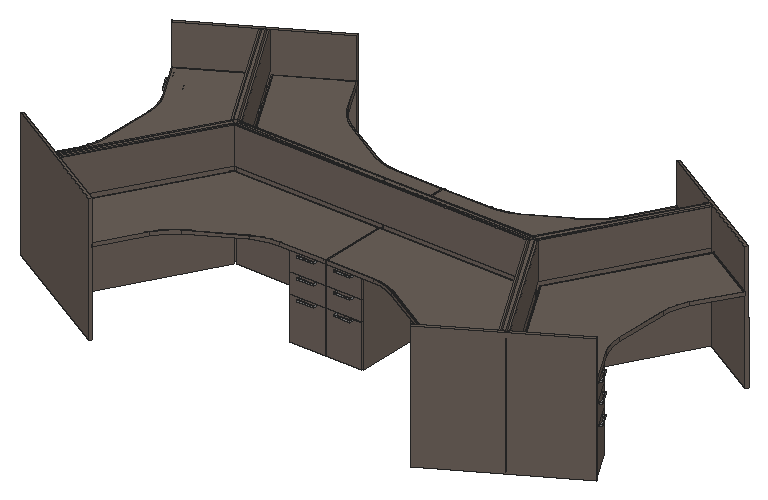
Revit family "T200064", category Furniture, Revit 2022
Family settings
  OmniClass Number = 23.40.20.00
  OmniClass Title = General Furniture and Specialties
  Work Plane-Based = No
  Always vertical = Yes
  Cut with Voids When Loaded = No
  Render Appearance Source = Family Geometry
  Shared = No
  Room Calculation Point = No
Parameters
  Default Elevation = 0' - 0"
Reference planes (in)
  plane 1 "Center Front/Back": y = 0
  plane 2: z = 0
  plane 3 "Center Left/Right": x = 0
Dimensions and locks (in)
  aligned and locked: level to plane 2
  aligned and locked: nested 44 to nested 42
Nested families (in)
  nested 1: "FIRST OFFICE-STAKS-WORKSURFACE-CORNER 120 DEGREE" at (-38.25443, -65.70487, 0) x (0.5, 0.866, 0) z (0, 0, 1), type "FIRST OFFICE-STAKS-WORKSURFACE-CORNER 120 DEG 47.639 X 47.639"
  nested 2: "FIRST OFFICE-STAKS-WORKSURFACE-CORNER 120 DEGREE" at (-38.54255, -65.53852, 0) x (0.5, 0.866, 0) z (0, 0, 1), type "FIRST OFFICE-STAKS-WORKSURFACE-CORNER 120 DEG 47.639 X 47.639"
  nested 3: "FIRST OFFICE-STAKS-WORKSURFACE-CORNER 120 DEGREE" at (74.41604, -0.32185, 0) x (-1, 0, 0) z (0, 0, 1), type "FIRST OFFICE-STAKS-WORKSURFACE-CORNER 120 DEG 47.639 X 47.639"
  nested 4: "FIRST OFFICE-STAKS-WALL-SPINE-DIVIDER" at (-26.00317, -44.15238, 0) x (0.866, -0.5, 0) z (0, 0, 1), type "FIRST OFFICE-STAKS-WALL SPINE/DIVIDER 42 X 48"
  nested 5: "FIRST OFFICE-STAKS-WALL-SPINE-DIVIDER" at (-12.21127, -22.52553, 0) x (0.5, 0.866, 0) z (0, 0, 1), type "FIRST OFFICE-STAKS-WALL SPINE/DIVIDER 42 X 48"
  nested 6: "FIRST OFFICE-STAKS-WALL-SPINE-DIVIDER" at (-24.87782, 41.22682, 0) x (0.866, 0.5, 0) z (0, 0, 1), type "FIRST OFFICE-STAKS-WALL SPINE/DIVIDER 42 X 48"
  nested 7: "FIRST OFFICE-STAKS-WALL-SPINE-DIVIDER" at (-14.1592, 20.42449, 0) x (0.5, -0.866, 0) z (0, 0, 1), type "FIRST OFFICE-STAKS-WALL SPINE/DIVIDER 42 X 48"
  nested 8: "FIRST OFFICE-STAKS-WALL-SPINE-DIVIDER" at (24, -1.62535, 0) x (-1, 0, 0) z (0, 0, 1), type "FIRST OFFICE-STAKS-WALL SPINE/DIVIDER 42 X 48"
  nested 9: "FIRST OFFICE-STAKS-PEDESTALS-WORKSUFACE HEIGHT NO I BEAM-12W TO 16W" at (42.08539, -25.00035, 0), type "FIRST OFFICE-STAKS-SURFACE HEIGHT BBF PED-NO I BEAM 16 X 19"
  nested 10: "FIRST OFFICE-STAKS-BRACKETS-PEDESTAL TO WALL" at (40.73829, -5, 0) x (-1, 0, 0) z (0, 0, 1), type "FIRST OFFICE-STAKS-PEDESTAL TO WALL BRACKET 1"
  nested 11: "FIRST OFFICE-STAKS-PEDESTALS-WORKSUFACE HEIGHT NO I BEAM-12W TO 16W" at (42.08539, 24.00035, 0), type "FIRST OFFICE-STAKS-SURFACE HEIGHT BBF PED-NO I BEAM 16 X 19"
  nested 12: "FIRST OFFICE-STAKS-BRACKETS-PEDESTAL TO WALL" at (40.73829, 4, 0) x (-1, 0, 0) z (0, 0, 1), type "FIRST OFFICE-STAKS-PEDESTAL TO WALL BRACKET 1"
  nested 13: "FIRST OFFICE-STAKS-PEDESTALS-WORKSUFACE HEIGHT NO I BEAM-12W TO 16W" at (-43.35149, 24.23702, 0) x (-0.5, 0.866, 0) z (0, 0, 1), type "FIRST OFFICE-STAKS-SURFACE HEIGHT BBF PED-NO I BEAM 16 X 19"
  nested 14: "FIRST OFFICE-STAKS-BRACKETS-PEDESTAL TO WALL" at (-25.30603, 32.98206, 0) x (0.5, -0.866, 0) z (0, 0, 1), type "FIRST OFFICE-STAKS-PEDESTAL TO WALL BRACKET 1"
  nested 15: "FIRST OFFICE-STAKS-BRACKETS-WORKSURFACE-SCWBKT" at (-6.49875, 52.56007, -0.15625) x (0.5, -0.866, 0) z (0, 0, 1), type "FIRST OFFICE-STAKS-BRACKET-WORKSURFACE-16""
  nested 16: "FIRST OFFICE-STAKS-BRACKETS-WORKSURFACE-SCWBKT" at (-43.26026, -32.3122, -0.15625) x (0.5, 0.866, 0) z (0, 0, 1), type "FIRST OFFICE-STAKS-BRACKET-WORKSURFACE-16""
  nested 17: "FIRST OFFICE-STAKS-BRACKETS-WORKSURFACE-SCWBKT" at (-20.7436, -45.3122, -0.15625) x (0.5, 0.866, 0) z (0, 0, 1), type "FIRST OFFICE-STAKS-BRACKET-WORKSURFACE-16""
  nested 18: "FIRST OFFICE-STAKS-BRACKETS-CANTILEVER" at (5, -1, -0.15625), type "FIRST OFFICE-STAKS- BRACKETS-CANTILEVER-OPEN 22""
  nested 19: "FIRST OFFICE-STAKS-BRACKETS-CANTILEVER" at (-7.04887, 11.35974, -0.15625) x (-0.5, 0.866, 0) z (0, 0, 1), type "FIRST OFFICE-STAKS- BRACKETS-CANTILEVER-OPEN 22""
  nested 20: "FIRST OFFICE-STAKS-BRACKETS-CANTILEVER" at (-9.75386, -15.01849, -0.15625) x (-0.5, -0.866, 0) z (0, 0, 1), type "FIRST OFFICE-STAKS- BRACKETS-CANTILEVER-OPEN 22""
  nested 21: "FIRST OFFICE-STAKS-BRACKETS-CANTILEVER-CONCEALED" at (-18.04512, 30.40579, -0.15625) x (-0.5, 0.866, 0) z (0, 0, 1), type "FIRST OFFICE-STAKS- BRACKETS-CANTILEVER-CONCEALED-MINI"
  nested 22: "FIRST OFFICE-STAKS-BRACKETS-CANTILEVER-CONCEALED" at (-15.4904, -26.95445, -0.15625) x (0.5, 0.866, 0) z (0, 0, 1), type "FIRST OFFICE-STAKS- BRACKETS-CANTILEVER-CONCEALED-MINI"
  nested 23: "FIRST OFFICE-STAKS-BRACKETS-CANTILEVER-CONCEALED" at (-16.55485, -26.79814, -0.15625) x (-0.5, -0.866, 0) z (0, 0, 1), type "FIRST OFFICE-STAKS- BRACKETS-CANTILEVER-CONCEALED-MINI"
  nested 24: "FIRST OFFICE-STAKS-WORKSURFACE-CORNER 120 DEGREE" at (134.25448, 64.70487, 0) x (-0.5, -0.866, 0) z (0, 0, 1), type "FIRST OFFICE-STAKS-WORKSURFACE-CORNER 120 DEG 47.639 X 47.639"
  nested 25: "FIRST OFFICE-STAKS-WORKSURFACE-CORNER 120 DEGREE" at (134.5426, 64.53852, 0) x (-0.5, -0.866, 0) z (0, 0, 1), type "FIRST OFFICE-STAKS-WORKSURFACE-CORNER 120 DEG 47.639 X 47.639"
  nested 26: "FIRST OFFICE-STAKS-WORKSURFACE-CORNER 120 DEGREE" at (21.58402, -0.67815, 0), type "FIRST OFFICE-STAKS-WORKSURFACE-CORNER 120 DEG 47.639 X 47.639"
  nested 27: "FIRST OFFICE-STAKS-WALL-SPINE-DIVIDER" at (122.00323, 43.15238, 0) x (-0.866, 0.5, 0) z (0, 0, 1), type "FIRST OFFICE-STAKS-WALL SPINE/DIVIDER 42 X 48"
  nested 28: "FIRST OFFICE-STAKS-WALL-SPINE-DIVIDER" at (108.21132, 21.52553, 0) x (-0.5, -0.866, 0) z (0, 0, 1), type "FIRST OFFICE-STAKS-WALL SPINE/DIVIDER 42 X 48"
  nested 29: "FIRST OFFICE-STAKS-WALL-SPINE-DIVIDER" at (120.87788, -42.22682, 0) x (-0.866, -0.5, 0) z (0, 0, 1), type "FIRST OFFICE-STAKS-WALL SPINE/DIVIDER 42 X 48"
  nested 30: "FIRST OFFICE-STAKS-WALL-SPINE-DIVIDER" at (110.15926, -21.42449, 0) x (-0.5, 0.866, 0) z (0, 0, 1), type "FIRST OFFICE-STAKS-WALL SPINE/DIVIDER 42 X 48"
  nested 31: "FIRST OFFICE-STAKS-WALL-SPINE-DIVIDER" at (72.00005, 0.62535, 0), type "FIRST OFFICE-STAKS-WALL SPINE/DIVIDER 42 X 48"
  nested 32: "FIRST OFFICE-STAKS-PEDESTALS-WORKSUFACE HEIGHT NO I BEAM-12W TO 16W" at (53.91467, 24.00035, 0) x (-1, 0, 0) z (0, 0, 1), type "FIRST OFFICE-STAKS-SURFACE HEIGHT BBF PED-NO I BEAM 16 X 19"
  nested 33: "FIRST OFFICE-STAKS-BRACKETS-PEDESTAL TO WALL" at (55.26176, 4, 0), type "FIRST OFFICE-STAKS-PEDESTAL TO WALL BRACKET 1"
  nested 34: "FIRST OFFICE-STAKS-PEDESTALS-WORKSUFACE HEIGHT NO I BEAM-12W TO 16W" at (53.91467, -25.00035, 0) x (-1, 0, 0) z (0, 0, 1), type "FIRST OFFICE-STAKS-SURFACE HEIGHT BBF PED-NO I BEAM 16 X 19"
  nested 35: "FIRST OFFICE-STAKS-BRACKETS-PEDESTAL TO WALL" at (55.26176, -5, 0), type "FIRST OFFICE-STAKS-PEDESTAL TO WALL BRACKET 1"
  nested 36: "FIRST OFFICE-STAKS-PEDESTALS-WORKSUFACE HEIGHT NO I BEAM-12W TO 16W" at (139.35154, -25.23702, 0) x (0.5, -0.866, 0) z (0, 0, 1), type "FIRST OFFICE-STAKS-SURFACE HEIGHT BBF PED-NO I BEAM 16 X 19"
  nested 37: "FIRST OFFICE-STAKS-BRACKETS-PEDESTAL TO WALL" at (121.30608, -33.98206, 0) x (-0.5, 0.866, 0) z (0, 0, 1), type "FIRST OFFICE-STAKS-PEDESTAL TO WALL BRACKET 1"
  nested 38: "FIRST OFFICE-STAKS-BRACKETS-WORKSURFACE-SCWBKT" at (102.4988, -53.56007, -0.15625) x (-0.5, 0.866, 0) z (0, 0, 1), type "FIRST OFFICE-STAKS-BRACKET-WORKSURFACE-16""
  nested 39: "FIRST OFFICE-STAKS-BRACKETS-WORKSURFACE-SCWBKT" at (139.26031, 31.3122, -0.15625) x (-0.5, -0.866, 0) z (0, 0, 1), type "FIRST OFFICE-STAKS-BRACKET-WORKSURFACE-16""
  nested 40: "FIRST OFFICE-STAKS-BRACKETS-WORKSURFACE-SCWBKT" at (116.74365, 44.3122, -0.15625) x (-0.5, -0.866, 0) z (0, 0, 1), type "FIRST OFFICE-STAKS-BRACKET-WORKSURFACE-16""
  nested 41: "FIRST OFFICE-STAKS-BRACKETS-CANTILEVER" at (91.00005, 0, -0.15625) x (-1, 0, 0) z (0, 0, 1), type "FIRST OFFICE-STAKS- BRACKETS-CANTILEVER-OPEN 22""
  nested 42: "FIRST OFFICE-STAKS-BRACKETS-CANTILEVER" at (103.04893, -12.35974, -0.15625) x (0.5, -0.866, 0) z (0, 0, 1), type "FIRST OFFICE-STAKS- BRACKETS-CANTILEVER-OPEN 22""
  nested 43: "FIRST OFFICE-STAKS-BRACKETS-CANTILEVER" at (105.75392, 14.01849, -0.15625) x (0.5, 0.866, 0) z (0, 0, 1), type "FIRST OFFICE-STAKS- BRACKETS-CANTILEVER-OPEN 22""
  nested 44: "FIRST OFFICE-STAKS-BRACKETS-CANTILEVER-CONCEALED" at (114.04517, -31.40579, -0.15625) x (0.5, -0.866, 0) z (0, 0, 1), type "FIRST OFFICE-STAKS- BRACKETS-CANTILEVER-CONCEALED-MINI"
  nested 45: "FIRST OFFICE-STAKS-BRACKETS-CANTILEVER-CONCEALED" at (111.49045, 25.95445, -0.15625) x (-0.5, -0.866, 0) z (0, 0, 1), type "FIRST OFFICE-STAKS- BRACKETS-CANTILEVER-CONCEALED-MINI"
  nested 46: "FIRST OFFICE-STAKS-BRACKETS-CANTILEVER-CONCEALED" at (112.5549, 25.79814, -0.15625) x (0.5, 0.866, 0) z (0, 0, 1), type "FIRST OFFICE-STAKS- BRACKETS-CANTILEVER-CONCEALED-MINI"
  nested 47: "STAKS FABRIC TACKBOARD FOR SPINE OR DIVIDER WALL" at (-7.62176, 2.33365, 0), type "STAKS FABRIC TACKBOARD FOR SPINE OR DIVIDER WALL 12H x 74-96W"
    with Height Above Floor 3' - 5 1/2"
  nested 48: "STAKS FABRIC TACKBOARD FOR SPINE OR DIVIDER WALL" at (-7.62176, 0.33365, 0), type "STAKS FABRIC TACKBOARD FOR SPINE OR DIVIDER WALL 12H x 74-96W"
    with Height Above Floor 3' - 5 1/2"
  nested 49: "STAKS FABRIC TACKBOARD FOR SPINE OR DIVIDER WALL" at (96.12911, 6.91175, 0) x (0.5, -0.866, 0) z (0, 0, 1), type "STAKS FABRIC TACKBOARD FOR SPINE OR DIVIDER WALL 12H x 27-48.9375W"
    with Height Above Floor 3' - 5 1/2"
  nested 50: "STAKS FABRIC TACKBOARD FOR SPINE OR DIVIDER WALL" at (94.24518, 5.75707, 0) x (0.5, -0.866, 0) z (0, 0, 1), type "STAKS FABRIC TACKBOARD FOR SPINE OR DIVIDER WALL 12H x 27-48.9375W"
    with Height Above Floor 3' - 5 1/2"
  nested 51: "STAKS FABRIC TACKBOARD FOR SPINE OR DIVIDER WALL" at (-26.05968, 49.76862, 0) x (0.5, -0.866, 0) z (0, 0, 1), type "STAKS FABRIC TACKBOARD FOR SPINE OR DIVIDER WALL 12H x 27-48.9375W"
    with Height Above Floor 3' - 5 1/2"
  nested 52: "STAKS FABRIC TACKBOARD FOR SPINE OR DIVIDER WALL" at (-27.94361, 48.61394, 0) x (0.5, -0.866, 0) z (0, 0, 1), type "STAKS FABRIC TACKBOARD FOR SPINE OR DIVIDER WALL 12H x 27-48.9375W"
    with Height Above Floor 3' - 5 1/2"
  nested 53: "STAKS FABRIC TACKBOARD FOR SPINE OR DIVIDER WALL" at (-0.20811, 7.04798, 0) x (-0.5, -0.866, 0) z (0, 0, 1), type "STAKS FABRIC TACKBOARD FOR SPINE OR DIVIDER WALL 12H x 27-48.9375W"
    with Height Above Floor 3' - 5 1/2"
  nested 54: "STAKS FABRIC TACKBOARD FOR SPINE OR DIVIDER WALL" at (1.67582, 5.89331, 0) x (-0.5, -0.866, 0) z (0, 0, 1), type "STAKS FABRIC TACKBOARD FOR SPINE OR DIVIDER WALL 12H x 27-48.9375W"
    with Height Above Floor 3' - 5 1/2"
  nested 55: "STAKS FABRIC TACKBOARD FOR SPINE OR DIVIDER WALL" at (122.06399, 49.54466, 0) x (-0.5, -0.866, 0) z (0, 0, 1), type "STAKS FABRIC TACKBOARD FOR SPINE OR DIVIDER WALL 12H x 27-48.9375W"
    with Height Above Floor 3' - 5 1/2"
  nested 56: "STAKS FABRIC TACKBOARD FOR SPINE OR DIVIDER WALL" at (123.94792, 48.38998, 0) x (-0.5, -0.866, 0) z (0, 0, 1), type "STAKS FABRIC TACKBOARD FOR SPINE OR DIVIDER WALL 12H x 27-48.9375W"
    with Height Above Floor 3' - 5 1/2"
Definition of nested family "FIRST OFFICE-STAKS-WORKSURFACE-CORNER 120 DEGREE"
  Parameters
    Default Elevation = 0' - 0"
    CORNER DEPTH = 2' - 11.639"
    URL = "http://www.firstoffice.com/products/crossover/staks/"
    Model = "6-CU-35.639/35.639"
    Manufacturer = "FIRST OFFICE-STAKS"
    MANUFACTURERS' CODE = "FOF"
    ENVIRONMENTAL = "http://www.firstoffice.com/products/crossover/staks/"
    Description = "36.639 X 36.639 CORNER 120 DEG DIAGINAL GRAIN WORKSURFACE"
    CORNER WIDTH = 2' - 11.639"
    CATALOG CODE = "FST"
    Assembly Code = ""
  Reference planes (in)
    plane 1: z = -0.125
    plane 2 "BACK": y = -1.83365
    plane 3: z = 27.25
    plane 4 "SURFACE TOP": z = 28.375
    plane 5 "LEFT": x = 38.41598
    plane 6 "RIGHT": through (69.04222, 6.8487, 47.875) normal (0.866, 0.5, 0)
    plane 7: y = -1.95865
    plane 8: x = 38.54098
    plane 9: through (68.93397, 6.7862, 47.875) normal (0.866, 0.5, 0)
    plane 10: x = 74.05498
    plane 11: y = -23.83365
    plane 12: through (7.3129, -81.51958, 47.875) normal (-0.5, 0.866, 0)
    plane 13: through (7.2504, -81.41133, 47.875) normal (-0.5, 0.866, 0)
    plane 14: through (50.09791, -4.0888, 47.875) normal (0.866, 0.5, 0)
    plane 15: through (49.98966, -4.1513, 47.875) normal (0.866, 0.5, 0)
    plane 16: y = -23.70865
    plane 17: through (-10.5066, -50.6553, 47.875) normal (-0.5, 0.866, 0)
    plane 18: through (49.87291, -25.97725, 47.875) normal (0.5, 0.866, 0)
    plane 19: through (49.93536, -25.86897, 47.875) normal (0.5, 0.866, 0)
  Forms (in)
    Extrusion 1, solid
      sketch origin (0, 0, 16.625) x (-1, 0, 0) y (0, -1, 0)
        loop
          line (-73.98281, 1.95865) -> (-74.05498, 1.83365) -> (-38.41598, 1.83365) -> (-38.54098, 1.95865) -> (-73.98281, 1.95865)
      from 11.75 to 10.625
    Extrusion 2, solid
      sketch origin (0, 0, 16.625) x (-1, 0, 0) y (0, -1, 0)
        loop
          line (-41.9399, 23.70865) -> (-38.54098, 23.70865) -> (-38.41598, 23.83365) -> (-41.87291, 23.83365)
          arc (-41.87291, 23.83365) -> (-46.01402, 24.37884) -> (-49.87291, 25.97725) r 16
          line (-49.87291, 25.97725) -> (-65.23705, 34.84774)
          arc (-65.23705, 34.84774) -> (-68.55076, 37.39043) -> (-71.09346, 40.70414) r 16
          line (-71.09346, 40.70414) -> (-72.82192, 43.69793) -> (-72.86768, 43.52718) -> (-71.16822, 40.58363)
          arc (-71.16822, 40.58363) -> (-68.64538, 37.29581) -> (-65.35756, 34.77298) r 15.875
          line (-65.35756, 34.77298) -> (-49.8774, 25.8355)
          arc (-49.8774, 25.8355) -> (-46.04865, 24.24958) -> (-41.9399, 23.70865) r 15.875
      from 11.75 to 10.625
    Extrusion 3, solid
      sketch origin (0, 0, 16.625) x (-1, 0, 0) y (0, -1, 0)
        loop
          line (-38.54098, 1.95865) -> (-38.41598, 1.83365) -> (-38.41598, 23.83365) -> (-38.54098, 23.70865) -> (-38.54098, 1.95865)
      from 11.75 to 10.625
    Extrusion 4, solid
      sketch origin (0, 0, 16.625) x (-1, 0, 0) y (0, -1, 0)
        loop
          line (-72.82192, 43.69793) -> (-91.87448, 32.69793) -> (-91.70373, 32.65218) -> (-72.86768, 43.52718) -> (-72.82192, 43.69793)
      from 11.75 to 10.625
    Extrusion 5, solid
      sketch origin (0, 0, 16.625) x (-1, 0, 0) y (0, -1, 0)
        loop
          line (-74.05498, 1.83365) -> (-73.98281, 1.95865) -> (-91.70373, 32.65218) -> (-91.87448, 32.69793) -> (-74.05498, 1.83365)
      from 11.75 to 10.625
    Extrusion 6, solid
      sketch origin (0, 0, 16.625) x (-1, 0, 0) y (0, -1, 0)
        loop
          line (-73.98281, 1.95865) -> (-38.54098, 1.95865) -> (-38.54098, 23.70865) -> (-41.9399, 23.70865)
          arc (-41.9399, 23.70865) -> (-46.04865, 24.24958) -> (-49.8774, 25.8355) r 15.875
          line (-49.8774, 25.8355) -> (-65.35756, 34.77298)
          arc (-65.35756, 34.77298) -> (-68.64538, 37.29581) -> (-71.16822, 40.58363) r 15.875
          line (-71.16822, 40.58363) -> (-72.86768, 43.52718) -> (-91.70373, 32.65218) -> (-73.98281, 1.95865)
      from 11.75 to 10.625
  Lines and regions (in)
    Masking region 1
      outline origin (0, 0, 16.625) x (-1, 0, 0) y (0, -1, 0)
        loop
          line (-38.54098, 1.95865) -> (-38.41598, 1.83365) -> (-38.41598, 23.83365) -> (-38.54098, 23.70865) -> (-38.54098, 1.95865)
    Masking region 2
      outline origin (0, 0, 16.625) x (-1, 0, 0) y (0, -1, 0)
        loop
          line (-38.41598, 1.83365) -> (-38.54098, 1.95865) -> (-73.98281, 1.95865) -> (-74.05498, 1.83365) -> (-38.41598, 1.83365)
    Masking region 3
      outline origin (0, 0, 16.625) x (-1, 0, 0) y (0, -1, 0)
        loop
          line (-74.05498, 1.83365) -> (-73.98281, 1.95865) -> (-91.70373, 32.65218) -> (-91.87448, 32.69793) -> (-74.05498, 1.83365)
    Masking region 4
      outline origin (0, 0, 16.625) x (-1, 0, 0) y (0, -1, 0)
        loop
          line (-91.87448, 32.69793) -> (-91.70373, 32.65218) -> (-72.86768, 43.52718) -> (-72.82192, 43.69793) -> (-91.87448, 32.69793)
    Masking region 5
      outline origin (0, 0, 16.625) x (-1, 0, 0) y (0, -1, 0)
        loop
          line (-71.09346, 40.70414) -> (-72.82192, 43.69793) -> (-72.86768, 43.52718) -> (-71.16822, 40.58363) -> (-71.09346, 40.70414)
    Masking region 6
      outline origin (0, 0, 16.625) x (-1, 0, 0) y (0, -1, 0)
        loop
          line (-71.09346, 40.70414) -> (-71.16822, 40.58363)
          arc (-71.16822, 40.58363) -> (-68.63353, 37.28397) -> (-65.32853, 34.75626) r 15.875
          line (-65.32853, 34.75626) -> (-65.23705, 34.84774)
          arc (-65.23705, 34.84774) -> (-68.55076, 37.39043) -> (-71.09346, 40.70414) r 16
    Masking region 7
      outline origin (0, 0, 16.625) x (-1, 0, 0) y (0, -1, 0)
        loop
          line (-49.8774, 25.97984) -> (-65.23705, 34.84774) -> (-65.32853, 34.75626) -> (-49.8774, 25.83554) -> (-49.8774, 25.97984)
    Masking region 8
      outline origin (0, 0, 16.625) x (-1, 0, 0) y (0, -1, 0)
        loop
          arc (-41.87291, 23.83365) -> (-46.01402, 24.37884) -> (-49.87291, 25.97725) r 16
          line (-49.87291, 25.97725) -> (-49.87291, 25.83291)
          arc (-49.87291, 25.83291) -> (-46.04615, 24.24891) -> (-41.9399, 23.70865) r 15.875
          line (-41.9399, 23.70865) -> (-41.87291, 23.83365)
    Masking region 9
      outline origin (0, 0, 16.625) x (-1, 0, 0) y (0, -1, 0)
        loop
          line (-38.54098, 23.70865) -> (-38.41598, 23.83365) -> (-41.87291, 23.83365) -> (-41.9399, 23.70865) -> (-38.54098, 23.70865)
    Masking region 10
      outline origin (0, 0, -0.125) x (1, 0, 0) y (0, 1, 0)
        loop
          arc (41.93975, -23.70865) -> (46.04858, -24.24959) -> (49.8774, -25.83554) r 15.8753
          line (49.8774, -25.83554) -> (65.32853, -34.75626)
          arc (65.32853, -34.75626) -> (68.64229, -37.299) -> (71.18503, -40.61276) r 16.00026
          line (71.18503, -40.61276) -> (72.86768, -43.52718) -> (91.70373, -32.65218) -> (73.98281, -1.95865) -> (38.54098, -1.95865) -> (38.54098, -23.70865) -> (41.93975, -23.70865)
  Dimensions and locks (in)
    locked: plane 4 "SURFACE TOP" to plane 3 at 1.125
    locked: plane 5 "LEFT" to plane 8 at 0.125
    locked: plane 2 "BACK" to plane 7 at 0.125
    locked: plane 2 "BACK" to plane 11 at 22
    locked: plane 13 to plane 12 at 0.125
    locked: plane 6 "RIGHT" to plane 15 at 22
    locked: plane 16 to plane 11 at 0.125
    locked: plane 14 to plane 15 at 0.125
    locked: plane 6 "RIGHT" to plane 9 at 0.125
    "CORNER WIDTH": plane 5 "LEFT" to plane 10
    "CORNER DEPTH": plane 17 to plane 12
    locked: Extrusion 2 sketch curve to Extrusion 2 sketch curve at 33.74098
    locked: Masking region 8 sketch curve to Masking region 8 sketch curve at 8.28221
    Masking region 8 sketch curve to Masking region 8 sketch curve = 0' - 8.2125"
    Masking region 10 sketch curve to Masking region 10 sketch curve = 0' - 8.21766"
    Masking region 10 sketch curve to Masking region 10 sketch curve = 0' - 8.28235"
    locked: plane 2 "BACK" to plane 6 "RIGHT" (angle 120.00°)
    aligned: level to plane 1
    aligned and locked: plane 4 "SURFACE TOP" to Extrusion 1
    aligned and locked: Extrusion 1 to plane 3
    aligned and locked: Extrusion 2 sketch curve to plane 15
    aligned and locked: plane 13 to Extrusion 2 sketch curve
    aligned and locked: Extrusion 2 sketch curve to plane 11
    aligned and locked: plane 16 to Extrusion 2 sketch curve
    aligned and locked: Extrusion 1 sketch curve to plane 7
    aligned and locked: plane 2 "BACK" to Extrusion 1 sketch curve
    aligned and locked: plane 4 "SURFACE TOP" to Extrusion 3
    aligned and locked: plane 4 "SURFACE TOP" to Extrusion 6
    aligned and locked: plane 4 "SURFACE TOP" to Extrusion 2
    aligned and locked: plane 4 "SURFACE TOP" to Extrusion 5
    aligned and locked: plane 4 "SURFACE TOP" to Extrusion 4
    aligned and locked: Extrusion 2 to plane 3
    aligned and locked: Extrusion 3 to plane 3
    aligned and locked: Extrusion 6 to plane 3
    aligned and locked: Extrusion 5 to plane 3
    aligned and locked: Extrusion 4 to plane 3
    aligned and locked: Extrusion 6 sketch curve to Extrusion 2
    aligned and locked: plane 14 to Masking region 5 sketch curve
    aligned and locked: Masking region 5 sketch curve to plane 15
    aligned and locked: Extrusion 2 to Masking region 5 sketch curve
    aligned: plane 12 to Masking region 5 sketch curve
    aligned: plane 13 to Masking region 5 sketch curve
    aligned and locked: Masking region 5 sketch curve to Extrusion 4
    aligned and locked: Masking region 6 sketch curve to Extrusion 2
    aligned and locked: Extrusion 2 to Masking region 7 sketch curve
    aligned and locked: Masking region 8 sketch curve to Extrusion 2
    aligned and locked: Masking region 9 sketch curve to Masking region 8
    aligned and locked: Masking region 7 to Masking region 10 sketch curve
    aligned and locked: Masking region 10 sketch curve to Masking region 7
  Automatic sketch dimensions
    Extrusion 2 sketch curve to plane 14 = 0' - 0"  (x2)
    Extrusion 2 sketch curve to plane 12 = 0' - 0"
    Extrusion 2 sketch curve to plane 18 = 0' - 0"  (x2)
    Extrusion 2 sketch curve to plane 8 = 0' - 0"
    Extrusion 2 sketch curve to plane 5 "LEFT" = 0' - 0"
    Extrusion 2 sketch curve to plane 10 = 0' - 2.88676"
    Extrusion 2 sketch curve to plane 2 "BACK" = 3' - 2.87049"
    Extrusion 2 sketch curve to Extrusion 2 sketch curve = 0' - 5.81065"
    Extrusion 2 sketch curve to Extrusion 2 sketch curve = 0' - 0.12051"
    Extrusion 2 sketch curve to Extrusion 2 sketch curve = 1' - 1.67339"
    Extrusion 2 sketch curve to Extrusion 2 sketch curve = 0' - 0.18301"
    Extrusion 2 sketch curve to Extrusion 2 sketch curve = 0' - 8.00449"
    Extrusion 2 sketch curve to Extrusion 2 sketch curve = 0' - 0.00449"
    Extrusion 2 sketch curve to Extrusion 2 sketch curve = 0' - 0.06699"
    Extrusion 2 sketch curve to Extrusion 2 sketch curve = 0' - 0.14175"
    Extrusion 2 sketch curve to Extrusion 2 sketch curve = 0' - 0.07476"
    Extrusion 1 sketch curve to plane 6 "RIGHT" = 0' - 0"
    Extrusion 1 sketch curve to plane 9 = 0' - 0"
    Extrusion 1 sketch curve to plane 8 = 0' - 0"
    Extrusion 1 sketch curve to plane 5 "LEFT" = 0' - 0"
    Extrusion 3 sketch curve to plane 8 = 0' - 0"
    Extrusion 3 sketch curve to plane 7 = 0' - 0"
    Extrusion 3 sketch curve to plane 5 "LEFT" = 0' - 0"
    Extrusion 3 sketch curve to plane 2 "BACK" = 0' - 0"
    Extrusion 3 sketch curve to plane 16 = 0' - 0"
    Extrusion 3 sketch curve to plane 11 = 0' - 0"
    Extrusion 4 sketch curve to plane 6 "RIGHT" = 0' - 0"
    Extrusion 4 sketch curve to plane 12 = 0' - 0"  (x2)
    Extrusion 4 sketch curve to plane 9 = 0' - 0"
    Extrusion 4 sketch curve to plane 13 = 0' - 0"  (x2)
    Extrusion 4 sketch curve to plane 14 = 0' - 0"
    Extrusion 4 sketch curve to plane 15 = 0' - 0"
    Extrusion 5 sketch curve to plane 6 "RIGHT" = 0' - 0"  (x2)
    Extrusion 5 sketch curve to plane 12 = 0' - 0"
    Extrusion 5 sketch curve to plane 9 = 0' - 0"  (x2)
    Extrusion 5 sketch curve to plane 13 = 0' - 0"
    Extrusion 5 sketch curve to plane 2 "BACK" = 0' - 0"
    Extrusion 5 sketch curve to plane 7 = 0' - 0"
    Masking region 1 sketch curve to plane 7 = 0' - 0"
    Masking region 1 sketch curve to plane 8 = 0' - 0"
    Masking region 1 sketch curve to plane 5 "LEFT" = 0' - 0"
    Masking region 1 sketch curve to plane 2 "BACK" = 0' - 0"
    Masking region 1 sketch curve to plane 16 = 0' - 0"
    Masking region 1 sketch curve to plane 11 = 0' - 0"
    Masking region 2 sketch curve to plane 6 "RIGHT" = 0' - 0"
    Masking region 2 sketch curve to plane 7 = 0' - 0"
    Masking region 2 sketch curve to plane 9 = 0' - 0"
    Masking region 2 sketch curve to plane 8 = 0' - 0"
    Masking region 2 sketch curve to plane 2 "BACK" = 0' - 0"
    Masking region 2 sketch curve to plane 5 "LEFT" = 0' - 0"
    Masking region 3 sketch curve to plane 12 = 0' - 0"
    Masking region 3 sketch curve to plane 6 "RIGHT" = 0' - 0"  (x2)
    Masking region 3 sketch curve to plane 9 = 0' - 0"  (x2)
    Masking region 3 sketch curve to plane 13 = 0' - 0"
    Masking region 3 sketch curve to plane 2 "BACK" = 0' - 0"
    Masking region 3 sketch curve to plane 7 = 0' - 0"
    Masking region 4 sketch curve to plane 6 "RIGHT" = 0' - 0"
    Masking region 4 sketch curve to plane 12 = 0' - 0"  (x2)
    Masking region 4 sketch curve to plane 9 = 0' - 0"
    Masking region 4 sketch curve to plane 13 = 0' - 0"  (x2)
    Masking region 4 sketch curve to plane 14 = 0' - 0"
    Masking region 4 sketch curve to plane 15 = 0' - 0"
    Extrusion 6 sketch curve to plane 9 = 0' - 0"
    Extrusion 6 sketch curve to plane 13 = 0' - 0"  (x2)
    Extrusion 6 sketch curve to plane 14 = 0' - 0"
    Extrusion 6 sketch curve to plane 7 = 0' - 0"
    Extrusion 6 sketch curve to plane 16 = 0' - 0"
    Extrusion 6 sketch curve to plane 8 = 0' - 0"
    Extrusion 6 sketch curve to plane 10 = 0' - 2.88676"
    Extrusion 6 sketch curve to Extrusion 6 sketch curve = 0' - 5.81065"
    Extrusion 6 sketch curve to Extrusion 6 sketch curve = 1' - 1.74815"
    Extrusion 6 sketch curve to plane 11 = 0' - 2.00185"
    Extrusion 6 sketch curve to Extrusion 6 sketch curve = 0' - 7 15/16"
    Masking region 5 sketch curve to plane 10 = 0' - 2.88676"
    Masking region 5 sketch curve to Masking region 5 sketch curve = 0' - 0.07476"
    Masking region 6 sketch curve to plane 14 = 0' - 0"
    Masking region 6 sketch curve to plane 15 = 0' - 0"
    Masking region 6 sketch curve to plane 18 = 0' - 0"
    Masking region 6 sketch curve to Masking region 6 sketch curve = 0' - 0.07476"
    Masking region 6 sketch curve to Masking region 6 sketch curve = 0' - 5.83969"
    Masking region 6 sketch curve to Masking region 6 sketch curve = 0' - 0.09148"  (x2)
    Masking region 6 sketch curve to Masking region 6 sketch curve = 1' - 1.67339"
    Masking region 6 sketch curve to Masking region 6 sketch curve = 0' - 0.18301"
    Masking region 7 sketch curve to plane 18 = 0' - 0"  (x2)
    Masking region 7 sketch curve to plane 10 = 0' - 8.81793"
    Masking region 7 sketch curve to Masking region 7 sketch curve = 0' - 0.09148"  (x2)
    Masking region 7 sketch curve to Masking region 7 sketch curve = 0' - 0.1443"
    Masking region 8 sketch curve to plane 18 = 0' - 0"
    Masking region 8 sketch curve to plane 16 = 0' - 0"
    Masking region 8 sketch curve to plane 11 = 0' - 0"
    Masking region 8 sketch curve to Masking region 8 sketch curve = 0' - 0.06699"
    Masking region 9 sketch curve to plane 16 = 0' - 0"
    Masking region 9 sketch curve to plane 11 = 0' - 0"
    Masking region 9 sketch curve to plane 8 = 0' - 0"
    Masking region 9 sketch curve to plane 5 "LEFT" = 0' - 0"
    Masking region 10 sketch curve to plane 8 = 0' - 0"
    Masking region 10 sketch curve to plane 16 = 0' - 0"
    Masking region 10 sketch curve to plane 14 = 0' - 0"  (x2)
    Masking region 10 sketch curve to plane 7 = 0' - 0"
    Masking region 10 sketch curve to plane 9 = 0' - 0"
    Masking region 10 sketch curve to plane 13 = 0' - 0"
    Masking region 10 sketch curve to plane 11 = 0' - 2.00189"
    Masking region 10 sketch curve to plane 10 = 0' - 2.86995"
    Masking region 10 sketch curve to Masking region 10 sketch curve = 1' - 1.85663"
Definition of nested family "FIRST OFFICE-STAKS-WALL-SPINE-DIVIDER"
  Parameters
    URL = "http://www.firstoffice.com/products/crossover/staks/"
    Model = "6-pan-33/24"
    Manufacturer = "FIRST OFFICE-STAKS"
    MANUFACTURERS' CODE = "FOF"
    ENVIRONMENTAL = "http://www.firstoffice.com/products/crossover/staks/"
    Description = "33 X 24 SPINE OR DIVIDER WALL"
    Wall Width = 2' - 0"
    Wall Height = 2' - 8 1/2"
    Default Elevation = 0' - 0"
    CATALOG CODE = "FST"
    Assembly Code = ""
  Reference planes (in)
    plane 1: z = 0
    plane 2 "Center Left/Right": x = 0
    plane 3 "Left": x = -12
    plane 4 "Right": x = 12
    plane 5 "Back": y = 1.62535
    plane 6 "WALL Top": z = 32.5
    plane 7: y = 0.62535
  Forms (in)
    Extrusion 1, solid
      sketch origin (0, 5, -0.18015) x (0, 1, 0) y (0, 0, 1)
        loop
          line (-4.37465, 32.68015) -> (-4.37465, 0.18015) -> (-3.37465, 0.18015) -> (-3.37465, 32.68015) -> (-4.37465, 32.68015)
      from -12 to 12
  Lines and regions (in)
    Masking region 1
      outline origin (0, 0, 0) x (1, 0, 0) y (0, 1, 0)
        loop
          line (-12, 1.62535) -> (-12, 0.62535) -> (12, 0.62535) -> (12, 1.62535) -> (-12, 1.62535)
  Dimensions and locks (in)
    "Wall Width": plane 3 "Left" to plane 4 "Right"
    equal spacing: plane 3 "Left", plane 2 "Center Left/Right", plane 4 "Right"
    "Wall Height": plane 6 "WALL Top" to plane 1
    locked: plane 7 to plane 5 "Back" at 1
    aligned and locked: Extrusion 1 to plane 3 "Left"
    aligned and locked: plane 4 "Right" to Extrusion 1
    aligned: Extrusion 1 to plane 1
    aligned and locked: level to plane 1
    aligned: Extrusion 1 to plane 6 "WALL Top"
    aligned: Extrusion 1 sketch curve to plane 1
    aligned and locked: Extrusion 1 to Masking region 1 sketch curve
    aligned and locked: Masking region 1 sketch curve to plane 3 "Left"
    aligned and locked: plane 4 "Right" to Masking region 1 sketch curve
    aligned and locked: Extrusion 1 to plane 5 "Back"
    aligned and locked: Extrusion 1 sketch curve to plane 1
    aligned and locked: plane 6 "WALL Top" to Extrusion 1 sketch curve
    aligned and locked: plane 7 to Extrusion 1
    aligned and locked: plane 7 to Masking region 1
  Automatic sketch dimensions
    Masking region 1 sketch curve to Masking region 1 sketch curve = 0' - 1"
    Extrusion 1 sketch curve to plane 5 "Back" = 0' - 0"
    Extrusion 1 sketch curve to Extrusion 1 sketch curve = 0' - 1"
Definition of nested family "FIRST OFFICE-STAKS-PEDESTALS-WORKSUFACE HEIGHT NO I BEAM-12W TO 16W"
  Parameters
    URL = "http://www.firstoffice.com/products/crossover/staks/"
    SHELF = no
    PULL 1 = yes
    PULL 2 = yes
    PULL 3 = yes
    PEDESTAL DEPTH = 1' - 7 3/8"
    Model = "6-NW1619MPD1"
    Manufacturer = "FIRST OFFICE-STAKS"
    MANUFACTURERS' CODE = "FOF"
    FILE FRONT 1 = no
    FILE FRONT 2 = yes
    ENVIRONMENTAL = "http://www.firstoffice.com/products/crossover/staks/"
    Description = "16 X 19 BBF PEDESTAL"
    PEDESTAL WIDTH = 1' - 3 5/8"
    Default Elevation = 0' - 0"
    DOOR = no
    CATALOG CODE = "FST"
    BOX FRONT 1 = yes
    BOX FRONT 2 = yes
    Assembly Code = ""
  Reference planes (in)
    plane 1: z = 0
    plane 2 "Center Left/Right": x = -0.02289
    plane 3 "Left": x = -7.83539
    plane 4 "Right": x = 7.78961
    plane 5 "CABINET FRONT": y = 1.37535
    plane 6 "PEDESTAL TOP": z = 27.375
    plane 7 "DRAWER FRONT": y = 0.62535
    plane 8: x = -7.77289
    plane 9: x = 7.72661
    plane 10: z = 0.25
    plane 11: z = 27.25
    plane 12: z = 14.37495
    plane 13: z = 14.24995
    plane 14: z = 26.5
    plane 15: x = 7.03961
    plane 16: x = -7.08539
    plane 17 "BACK": y = 20.00035
    plane 18: y = 19.87535
    plane 19: x = -7.71039
    plane 20: x = 7.66461
    plane 21: z = 20.87495
    plane 22: z = 20.74995
  Forms (in)
    Extrusion 1, solid, visible <- "FILE FRONT 1"
      sketch origin (-0.02289, 5, -0.18015) x (0, 1, 0) y (0, 0, 1)
        loop
          line (-4.37465, 27.43015) -> (-4.37465, 14.5551) -> (-3.62465, 14.5551) -> (-3.62465, 27.43015) -> (-4.37465, 27.43015)
      from -7.75 to 7.7495
    Extrusion 2, solid, visible <- "FILE FRONT 2"
      sketch origin (-0.02289, 5, -13.1802) x (0, 1, 0) y (0, 0, 1)
        loop
          line (-4.37465, 27.43015) -> (-4.37465, 13.4302) -> (-3.62465, 13.4302) -> (-3.62465, 27.43015) -> (-4.37465, 27.43015)
      from -7.75 to 7.7495
    Extrusion 3, solid
      sketch origin (0, -1.24965, 0) x (1, 0, 0) y (0, 0, 1)
        loop
          line (-7.83539, 0) -> (-7.08539, 0) -> (-7.08539, 27.25) -> (-7.83539, 27.25) -> (-7.83539, 0)
      from -21.25 to -2.625
    Extrusion 4, solid
      sketch origin (0, 2.62535, 0) x (1, 0, 0) y (0, 0, 1)
        loop
          line (-7.71039, 27.375) -> (-7.71039, 27.25) -> (-7.08539, 27.25) -> (-7.08539, 27.375) -> (-7.71039, 27.375)
      from -17.25 to 1.25
    Extrusion 5, solid
      sketch origin (9, -1.24965, 0) x (1, 0, 0) y (0, 0, 1)
        loop
          line (-1.96039, 0) -> (-1.21039, 0) -> (-1.21039, 27.25) -> (-1.96039, 27.25) -> (-1.96039, 0)
      from -21.25 to -2.625
    Extrusion 6, solid
      sketch origin (8.25, 2.62535, 0) x (1, 0, 0) y (0, 0, 1)
        loop
          line (-1.21039, 27.375) -> (-1.21039, 27.25) -> (-0.58539, 27.25) -> (-0.58539, 27.375) -> (-1.21039, 27.375)
      from -17.25 to 1.25
    Extrusion 7, solid
      sketch origin (0, 8.37535, 0) x (1, 0, 0) y (0, 0, 1)
        loop
          line (-7.08539, 27.25) -> (-7.08539, 26.5) -> (7.03961, 26.5) -> (7.03961, 27.25) -> (-7.08539, 27.25)
      from 0 to 4
    Extrusion 8, solid
      sketch origin (11.97711, 7.39824, 0) x (0, 1, 0) y (0, 0, 1)
        loop
          line (-3.02289, 27.375) -> (-3.02289, 27.25) -> (-2.39789, 27.25) -> (-2.39789, 27.375) -> (-3.02289, 27.375)
      from -19.0625 to -4.9375
    Extrusion 9, solid
      sketch origin (0, 16.12535, 0) x (1, 0, 0) y (0, 0, 1)
        loop
          line (-7.08539, 27.25) -> (-7.08539, 26.5) -> (7.03961, 26.5) -> (7.03961, 27.25) -> (-7.08539, 27.25)
      from -0.87505 to 3.12495
    Extrusion 10, solid
      sketch origin (11.97711, 15.14824, 0) x (0, 1, 0) y (0, 0, 1)
        loop
          line (-2.14784, 27.375) -> (-2.14784, 27.25) -> (-1.52284, 27.25) -> (-1.52284, 27.375) -> (-2.14784, 27.375)
      from -19.0625 to -4.9375
    Extrusion 11, solid, visible <- "PULL 3"
      sketch origin (0, 8.37535, -25) x (1, 0, 0) y (0, 0, 1)
        loop
          line (-7.08539, 25.75) -> (-7.08539, 25) -> (7.03961, 25) -> (7.03961, 25.75) -> (-7.08539, 25.75)
      from 2.15625 to 6.15625
    Extrusion 12, solid, visible <- "PULL 3"
      sketch origin (0, 16.12535, -25) x (1, 0, 0) y (0, 0, 1)
        loop
          line (-7.08539, 25.75) -> (-7.08539, 25) -> (7.03961, 25) -> (7.03961, 25.75) -> (-7.08539, 25.75)
      from -3.125 to 0.875
    Extrusion 13, solid, visible <- "BOX FRONT 1"
      sketch origin (-0.02289, 2.25, -0.18015) x (0, 1, 0) y (0, 0, 1)
        loop
          line (-1.62465, 27.43015) -> (-1.62465, 21.0551) -> (-0.87465, 21.0551) -> (-0.87465, 27.43015) -> (-1.62465, 27.43015)
      from -7.75 to 7.7495
    Extrusion 14, solid, visible <- "DOOR"
      sketch origin (-0.02289, 3.5, -0.18015) x (0, 1, 0) y (0, 0, 1)
        loop
          line (-2.87465, 27.43015) -> (-2.87465, 0.43015) -> (-2.12465, 0.43015) -> (-2.12465, 27.43015) -> (-2.87465, 27.43015)
      from -7.75 to 7.7495
    Extrusion 15, solid, visible <- "BOX FRONT 2"
      sketch origin (-0.02289, 2.25, -7.68015) x (0, 1, 0) y (0, 0, 1)
        loop
          line (-1.62465, 28.4301) -> (-1.62465, 22.0551) -> (-0.87465, 22.0551) -> (-0.87465, 28.4301) -> (-1.62465, 28.4301)
      from -7.75 to 7.7495
    Extrusion 16, solid, visible <- "SHELF"
      sketch origin (0, 1.87535, -6.25) x (1, 0, 0) y (0, 0, 1)
        loop
          line (-7.08539, 27.3749) -> (-7.08539, 26.6249) -> (7.03961, 26.6249) -> (7.03961, 27.3749) -> (-7.08539, 27.3749)
      from -17.375 to 0.5
    Extrusion 17, solid
      sketch origin (19.35211, 29.02324, 0) x (0, 1, 0) y (0, 0, 1)
        loop
          line (-9.77289, 0) -> (-9.02289, 0) -> (-9.02289, 27.25) -> (-9.77289, 27.25) -> (-9.77289, 0)
      from -26.4375 to -12.3125
    Extrusion 18, solid, visible <- "PULL 1"
      sketch origin (0, 0, 27.375) x (-1, 0, 0) y (0, -1, 0)
        loop
          line (2.74164, -0.62535) -> (2.74164, 0.37465) -> (-2.69586, 0.37465) -> (-2.69586, -0.62535) -> (-2.32086, -0.62535) -> (-2.32086, 0.18715) -> (2.36664, 0.18715) -> (2.36664, -0.62535) -> (2.74164, -0.62535)
      from -0.84375 to -0.375
    Extrusion 19, solid, visible <- "PULL 2"
      sketch origin (0, 0, 20.87495) x (-1, 0, 0) y (0, -1, 0)
        loop
          line (2.74164, -0.62535) -> (2.74164, 0.37465) -> (-2.69586, 0.37465) -> (-2.69586, -0.62535) -> (-2.32086, -0.62535) -> (-2.32086, 0.18715) -> (2.36664, 0.18715) -> (2.36664, -0.62535) -> (2.74164, -0.62535)
      from -0.84375 to -0.375
    Extrusion 20, solid, visible <- "PULL 3"
      sketch origin (0, 0, 14.37495) x (-1, 0, 0) y (0, -1, 0)
        loop
          line (2.74164, -0.62535) -> (2.74164, 0.37465) -> (-2.69586, 0.37465) -> (-2.69586, -0.62535) -> (-2.32086, -0.62535) -> (-2.32086, 0.18715) -> (2.36664, 0.18715) -> (2.36664, -0.62535) -> (2.74164, -0.62535)
      from -0.84375 to -0.375
    Extrusion 21, solid, visible <- "DOOR"
      sketch origin (0, 10.87535, -25) x (1, 0, 0) y (0, 0, 1)
        loop
          line (-7.08539, 26) -> (-7.08539, 25) -> (7.03961, 25) -> (7.03961, 26) -> (-7.08539, 26)
      from -8.375 to 9.5
  Lines and regions (in)
    Masking region 1
      outline origin (0, 0, 0) x (1, 0, 0) y (0, 1, 0)
        loop
          line (-7.77289, 1.37535) -> (-7.77289, 0.62535) -> (7.72711, 0.62535) -> (7.72711, 1.37535) -> (-7.77289, 1.37535)
    Masking region 2
      outline origin (0, 0, 0) x (1, 0, 0) y (0, 1, 0)
        loop
          line (-2.74164, 0.62535) -> (-2.74164, -0.37465) -> (2.69586, -0.37465) -> (2.69586, 0.62535) -> (2.32086, 0.62535) -> (2.32086, -0.18715) -> (-2.36664, -0.18715) -> (-2.36664, 0.62535) -> (-2.74164, 0.62535)
    Masking region 3
      outline origin (0, 0, 0) x (1, 0, 0) y (0, 1, 0)
        loop
          line (-7.77289, 1.37535) -> (-7.77289, 0.62535) -> (7.72661, 0.62535) -> (7.72661, 1.37535) -> (-7.77289, 1.37535)
    Masking region 4
      outline origin (0, 0, 0) x (1, 0, 0) y (0, 1, 0)
        loop
          line (-7.83539, 1.37535) -> (7.78961, 1.37535) -> (7.78961, 20.00035) -> (-7.83539, 20.00035) -> (-7.83539, 1.37535)
  Dimensions and locks (in)
    locked: plane 7 "DRAWER FRONT" to plane 5 "CABINET FRONT" at 0.75
    "PEDESTAL WIDTH": plane 3 "Left" to plane 4 "Right"
    equal spacing: plane 3 "Left", plane 2 "Center Left/Right", plane 4 "Right"
    locked: plane 3 "Left" to plane 8 at 0.0625
    locked: plane 9 to plane 4 "Right" at 0.063
    locked: plane 10 to plane 1 at 0.25
    locked: plane 6 "PEDESTAL TOP" to plane 11 at 0.125
    locked: plane 12 to plane 13 at 0.125
    "PEDESTAL DEPTH": plane 17 "BACK" to plane 7 "DRAWER FRONT"
    locked: plane 11 to plane 14 at 0.75
    locked: plane 3 "Left" to plane 16 at 0.75
    locked: plane 15 to plane 4 "Right" at 0.75
    locked: plane 18 to plane 17 "BACK" at 0.125
    locked: plane 3 "Left" to plane 19 at 0.125
    locked: plane 20 to plane 4 "Right" at 0.125
    locked: plane 5 "CABINET FRONT" to Extrusion 7 at 3
    locked: Extrusion 7 to Extrusion 7 at 4
    locked: Extrusion 9 to Extrusion 9 at 4
    locked: Extrusion 9 to plane 18 at 2.87495
    locked: Extrusion 11 to Extrusion 11 at 4
    locked: Extrusion 12 to Extrusion 12 at 4
    locked: Extrusion 12 to Extrusion 12 at 0.75
    locked: Extrusion 12 to plane 18 at 0.625
    locked: plane 21 to plane 22 at 0.125
    locked: plane 6 "PEDESTAL TOP" to plane 1 at 27.375
    locked: Extrusion 21 to plane 1 at 1
    aligned: Extrusion 1 to plane 3 "Left"
    aligned: plane 4 "Right" to Extrusion 1
    aligned: Extrusion 1 to plane 1
    aligned and locked: level to plane 1
    aligned: Extrusion 1 to plane 6 "PEDESTAL TOP"
    aligned and locked: Masking region 1 sketch curve to Extrusion 1
    aligned and locked: Extrusion 1 to plane 5 "CABINET FRONT"
    aligned and locked: plane 7 "DRAWER FRONT" to Extrusion 1
    aligned and locked: plane 7 "DRAWER FRONT" to Masking region 1
    aligned and locked: Extrusion 2 sketch curve to plane 10
    aligned and locked: plane 13 to Extrusion 2 sketch curve
    aligned and locked: Extrusion 1 sketch curve to plane 12
    aligned and locked: plane 11 to Extrusion 1 sketch curve
    aligned and locked: Extrusion 3 to plane 17 "BACK"
    aligned and locked: plane 5 "CABINET FRONT" to Extrusion 3
    aligned and locked: Extrusion 2 to plane 10
    aligned and locked: Extrusion 3 to plane 1
    aligned and locked: Extrusion 2 to plane 8
    aligned and locked: plane 16 to Extrusion 3
    aligned and locked: plane 9 to Extrusion 2
    aligned and locked: plane 13 to Extrusion 2
    aligned and locked: Extrusion 1 to plane 12
    aligned and locked: plane 11 to Extrusion 1  (x2)
    aligned and locked: Extrusion 1 to plane 8
    aligned and locked: plane 9 to Extrusion 1
    aligned and locked: Extrusion 4 to plane 18
    aligned and locked: plane 16 to Extrusion 4
    aligned and locked: plane 5 "CABINET FRONT" to Extrusion 4
    aligned and locked: Extrusion 4 to plane 19
    aligned and locked: plane 4 "Right" to Extrusion 5
    aligned and locked: Extrusion 5 to plane 15
    aligned and locked: plane 20 to Extrusion 6
    aligned and locked: Extrusion 6 to plane 15
    aligned and locked: Extrusion 7 sketch curve to plane 16
    aligned and locked: Extrusion 7 sketch curve to plane 14
    aligned and locked: plane 15 to Extrusion 7 sketch curve
    aligned and locked: plane 11 to Extrusion 7 sketch curve
    aligned and locked: Extrusion 8 to plane 16
    aligned and locked: plane 15 to Extrusion 8
    aligned and locked: Extrusion 7 to Extrusion 8
    aligned and locked: Extrusion 5 to plane 17 "BACK"
    aligned and locked: Extrusion 6 to plane 18
    aligned and locked: Extrusion 9 to Extrusion 10
    aligned and locked: Extrusion 11 to Extrusion 12
    aligned and locked: Extrusion 12 to Extrusion 11
    aligned and locked: Extrusion 12 to plane 1
    aligned: Extrusion 13 to plane 10
    aligned and locked: plane 11 to Extrusion 13
    aligned and locked: Extrusion 14 to plane 5 "CABINET FRONT"
    aligned and locked: plane 7 "DRAWER FRONT" to Extrusion 14
    aligned and locked: Extrusion 13 to plane 21
    aligned and locked: plane 22 to Extrusion 15
    aligned and locked: Extrusion 15 to plane 12
    aligned and locked: Extrusion 14 to plane 8
    aligned and locked: plane 9 to Extrusion 14
    aligned and locked: Extrusion 10 to plane 16
    aligned and locked: plane 15 to Extrusion 10
    aligned and locked: Extrusion 13 to plane 5 "CABINET FRONT"
    aligned and locked: Extrusion 15 to plane 5 "CABINET FRONT"
    aligned and locked: plane 7 "DRAWER FRONT" to Extrusion 13
    aligned and locked: plane 7 "DRAWER FRONT" to Extrusion 15
    aligned and locked: plane 9 to Extrusion 13
    aligned and locked: plane 9 to Extrusion 15
    aligned and locked: Extrusion 13 to plane 8
    aligned and locked: Extrusion 15 to plane 8
    aligned and locked: plane 5 "CABINET FRONT" to Extrusion 16
    aligned and locked: Extrusion 16 to Extrusion 12
    aligned and locked: Extrusion 17 to plane 16
    aligned and locked: plane 15 to Extrusion 17
    aligned and locked: Extrusion 17 to Extrusion 16
    aligned and locked: Extrusion 17 to plane 17 "BACK"
    aligned and locked: Extrusion 21 sketch curve to plane 1
    aligned and locked: Extrusion 21 to Extrusion 17
    aligned and locked: plane 5 "CABINET FRONT" to Extrusion 21
  Automatic sketch dimensions
    Extrusion 1 sketch curve to plane 7 "DRAWER FRONT" = 0' - 0"
    Extrusion 1 sketch curve to plane 5 "CABINET FRONT" = 0' - 0"
    plane 7 "DRAWER FRONT" to Masking region 1 sketch curve = 0' - 0"
    Masking region 1 sketch curve to plane 8 = 0' - 0"
    plane 9 to Masking region 1 sketch curve = 0' - 0.0005"
    Extrusion 2 sketch curve to plane 7 "DRAWER FRONT" = 0' - 0"
    Extrusion 2 sketch curve to plane 5 "CABINET FRONT" = 0' - 0"
    Extrusion 3 sketch curve to level = 0' - 0"
    Extrusion 3 sketch curve to plane 3 "Left" = 0' - 0"
    Extrusion 3 sketch curve to plane 11 = 0' - 0"
    Extrusion 3 sketch curve to plane 16 = 0' - 0"
    Extrusion 4 sketch curve to plane 11 = 0' - 0"
    Extrusion 4 sketch curve to plane 19 = 0' - 0"
    Extrusion 4 sketch curve to plane 6 "PEDESTAL TOP" = 0' - 0"
    Extrusion 4 sketch curve to plane 16 = 0' - 0"
    Extrusion 5 sketch curve to level = 0' - 0"
    Extrusion 5 sketch curve to plane 15 = 0' - 0"
    Extrusion 5 sketch curve to plane 4 "Right" = 0' - 0"
    Extrusion 5 sketch curve to plane 11 = 0' - 0"
    Extrusion 6 sketch curve to plane 11 = 0' - 0"
    Extrusion 6 sketch curve to plane 15 = 0' - 0"
    Extrusion 6 sketch curve to plane 6 "PEDESTAL TOP" = 0' - 0"
    Extrusion 6 sketch curve to plane 20 = 0' - 0"
    Extrusion 8 sketch curve to plane 11 = 0' - 0"
    Extrusion 8 sketch curve to plane 6 "PEDESTAL TOP" = 0' - 0"
    Extrusion 8 sketch curve to plane 5 "CABINET FRONT" = 0' - 3"
    Extrusion 8 sketch curve to Extrusion 8 sketch curve = 0' - 0 5/8"
    Extrusion 9 sketch curve to plane 14 = 0' - 0"
    Extrusion 9 sketch curve to plane 16 = 0' - 0"
    Extrusion 9 sketch curve to plane 11 = 0' - 0"
    Extrusion 9 sketch curve to plane 15 = 0' - 0"
    Extrusion 10 sketch curve to plane 11 = 0' - 0"
    Extrusion 10 sketch curve to plane 6 "PEDESTAL TOP" = 0' - 0"
    plane 18 to Extrusion 10 sketch curve = 0' - 6.87495"
    Extrusion 10 sketch curve to Extrusion 10 sketch curve = 0' - 0 5/8"
    Extrusion 11 sketch curve to level = 0' - 0"
    Extrusion 11 sketch curve to plane 16 = 0' - 0"
    Extrusion 11 sketch curve to plane 15 = 0' - 0"
    plane 10 to Extrusion 11 sketch curve = 0' - 0 1/2"
    Extrusion 12 sketch curve to level = 0' - 0"
    Extrusion 12 sketch curve to plane 16 = 0' - 0"
    Extrusion 12 sketch curve to plane 15 = 0' - 0"
    plane 10 to Extrusion 12 sketch curve = 0' - 0 1/2"
    Extrusion 13 sketch curve to plane 7 "DRAWER FRONT" = 0' - 0"
    Extrusion 13 sketch curve to plane 5 "CABINET FRONT" = 0' - 0"
    Extrusion 13 sketch curve to plane 21 = 0' - 0"
    Extrusion 13 sketch curve to plane 11 = 0' - 0"
    Extrusion 14 sketch curve to plane 7 "DRAWER FRONT" = 0' - 0"
    Extrusion 14 sketch curve to plane 5 "CABINET FRONT" = 0' - 0"
    Extrusion 14 sketch curve to plane 10 = 0' - 0"
    Extrusion 14 sketch curve to plane 11 = 0' - 0"
    Extrusion 15 sketch curve to plane 7 "DRAWER FRONT" = 0' - 0"
    Extrusion 15 sketch curve to plane 5 "CABINET FRONT" = 0' - 0"
    Extrusion 15 sketch curve to plane 12 = 0' - 0"
    Extrusion 15 sketch curve to plane 22 = 0' - 0"
    Extrusion 16 sketch curve to plane 16 = 0' - 0"
    Extrusion 16 sketch curve to plane 15 = 0' - 0"
    Extrusion 16 sketch curve to plane 22 = 0' - 0.37505"
    plane 21 to Extrusion 16 sketch curve = 0' - 0.24995"
    Extrusion 17 sketch curve to level = 0' - 0"
    Extrusion 17 sketch curve to plane 11 = 0' - 0"
    Extrusion 17 sketch curve to plane 17 "BACK" = 0' - 0"
    plane 18 to Extrusion 17 sketch curve = 0' - 0 5/8"
    plane 7 "DRAWER FRONT" to Masking region 2 sketch curve = 0' - 0"  (x2)
    Masking region 2 sketch curve to plane 2 "Center Left/Right" = 0' - 2 23/32"
    Masking region 2 sketch curve to Masking region 2 sketch curve = 0' - 0 3/8"  (x2)
    plane 7 "DRAWER FRONT" to Masking region 2 sketch curve = 0' - 0 13/16"
    plane 2 "Center Left/Right" to Masking region 2 sketch curve = 0' - 2 11/32"
    Masking region 2 sketch curve to Masking region 2 sketch curve = 0' - 0 3/16"
    plane 7 "DRAWER FRONT" to Masking region 3 sketch curve = 0' - 0"
    Masking region 3 sketch curve to plane 8 = 0' - 0"
    plane 5 "CABINET FRONT" to Masking region 3 sketch curve = 0' - 0"
    Masking region 3 sketch curve to plane 9 = 0' - 0"
    Masking region 4 sketch curve to plane 3 "Left" = 0' - 0"
    Masking region 4 sketch curve to plane 4 "Right" = 0' - 0"
    plane 5 "CABINET FRONT" to Masking region 4 sketch curve = 0' - 0"
    plane 17 "BACK" to Masking region 4 sketch curve = 0' - 0"
    plane 7 "DRAWER FRONT" to Extrusion 18 sketch curve = 0' - 0"  (x2)
    plane 2 "Center Left/Right" to Extrusion 18 sketch curve = 0' - 2 23/32"
    Extrusion 18 sketch curve to Extrusion 18 sketch curve = 0' - 0 3/8"  (x2)
    Extrusion 18 sketch curve to plane 2 "Center Left/Right" = 0' - 2 11/32"
    Extrusion 18 sketch curve to Extrusion 18 sketch curve = 0' - 0 13/16"
    Extrusion 18 sketch curve to Extrusion 18 sketch curve = 0' - 0 3/16"
    plane 7 "DRAWER FRONT" to Extrusion 19 sketch curve = 0' - 0"  (x2)
    plane 2 "Center Left/Right" to Extrusion 19 sketch curve = 0' - 2 23/32"
    Extrusion 19 sketch curve to Extrusion 19 sketch curve = 0' - 0 3/8"  (x2)
    Extrusion 19 sketch curve to plane 2 "Center Left/Right" = 0' - 2 11/32"
    Extrusion 19 sketch curve to Extrusion 19 sketch curve = 0' - 0 13/16"
    Extrusion 19 sketch curve to Extrusion 19 sketch curve = 0' - 0 3/16"
    plane 7 "DRAWER FRONT" to Extrusion 20 sketch curve = 0' - 0"  (x2)
    plane 2 "Center Left/Right" to Extrusion 20 sketch curve = 0' - 2 23/32"
    Extrusion 20 sketch curve to Extrusion 20 sketch curve = 0' - 0 3/8"  (x2)
    Extrusion 20 sketch curve to plane 2 "Center Left/Right" = 0' - 2 11/32"
    Extrusion 20 sketch curve to Extrusion 20 sketch curve = 0' - 0 13/16"
    Extrusion 20 sketch curve to Extrusion 20 sketch curve = 0' - 0 3/16"
    Extrusion 21 sketch curve to plane 16 = 0' - 0"
    Extrusion 21 sketch curve to plane 15 = 0' - 0"
    plane 10 to Extrusion 21 sketch curve = 0' - 0 3/4"
Definition of nested family "FIRST OFFICE-STAKS-BRACKETS-PEDESTAL TO WALL"
  Parameters
    URL = "http://www.firstoffice.com/products/crossover/staks/"
    PED TO WALL 1 = no
    PED TO WALL 2 = yes
    Model = "PEDBKT-2"
    Manufacturer = "FIRST OFFICE-STAKS"
    MANUFACTURERS' CODE = "FOF"
    ENVIRONMENTAL = "http://www.firstoffice.com/products/crossover/staks/"
    Description = "PEDESTAL TO WALL BRACKET 2"
    Default Elevation = 0' - 0"
    CATALOG CODE = "FST"
    Assembly Code = ""
  Reference planes (in)
    plane 1 "Back": y = 0
    plane 2: z = 0
    plane 3 "Center Left/Right": x = 0
    plane 4: z = 20
    plane 5: y = -4
    plane 6: x = 2.0625
  Forms (in)
    Extrusion 1, solid, visible <- "PED TO WALL 1"
      sketch origin (0, 0, 0) x (1, 0, 0) y (0, 1, 0)
        loop
          line (0.875, 0) -> (0, 0) -> (0, -0.0625) -> (0.875, -0.0625)
          arc (0.875, -0.0625) -> (0.96339, -0.09911) -> (1, -0.1875) r 0.125
          line (1, -0.1875) -> (1, -3.8125)
          arc (1, -3.8125) -> (1.05492, -3.94508) -> (1.1875, -4) r 0.1875
          line (1.1875, -4) -> (2.0625, -4) -> (2.0625, -3.9375) -> (1.1875, -3.9375)
          arc (1.1875, -3.9375) -> (1.09911, -3.90089) -> (1.0625, -3.8125) r 0.125
          line (1.0625, -3.8125) -> (1.0625, -0.1875)
          arc (1.0625, -0.1875) -> (1.00758, -0.05492) -> (0.875, 0) r 0.1875
      from 17.6875 to 19.8125
    Extrusion 2, solid, visible <- "PED TO WALL 1"
      sketch origin (0, 0, 0) x (1, 0, 0) y (0, 0, 1)
        loop
          line (1.1875, 19.9375) -> (1.5, 19.9375) -> (1.5, 20) -> (1.1875, 20)
          arc (1.1875, 20) -> (1.05492, 19.94508) -> (1, 19.8125) r 0.1875
          line (1, 19.8125) -> (1.0625, 19.8125)
          arc (1.0625, 19.8125) -> (1.09911, 19.90089) -> (1.1875, 19.9375) r 0.125
        loop
          arc (1.1875, 17.5625) -> (1.09911, 17.59911) -> (1.0625, 17.6875) r 0.125
          line (1.0625, 17.6875) -> (1, 17.6875)
          arc (1, 17.6875) -> (1.05492, 17.55492) -> (1.1875, 17.5) r 0.1875
          line (1.1875, 17.5) -> (1.5, 17.5) -> (1.5, 17.5625) -> (1.1875, 17.5625)
      from 0.1875 to 3.8125
    Extrusion 3, solid, visible <- "PED TO WALL 2"
      sketch origin (0, 0, 0) x (1, 0, 0) y (0, 1, 0)
        loop
          line (0.875, 0) -> (0, 0) -> (0, -0.0625) -> (0.875, -0.0625)
          arc (0.875, -0.0625) -> (0.96339, -0.09911) -> (1, -0.1875) r 0.125
          line (1, -0.1875) -> (1, -4.99544) -> (1.0625, -4.99544) -> (1.0625, -0.1875)
          arc (1.0625, -0.1875) -> (1.00758, -0.05492) -> (0.875, 0) r 0.1875
      from 17.6875 to 19.8125
    Extrusion 4, solid, visible <- "PED TO WALL 2"
      sketch origin (2.0625, 0, 0) x (-1, 0, 0) y (0, 0, -1)
        loop
          arc (1.1875, -19.9375) -> (1.09911, -19.90089) -> (1.0625, -19.8125) r 0.125
          line (1.0625, -19.8125) -> (1, -19.8125)
          arc (1, -19.8125) -> (1.05492, -19.94508) -> (1.1875, -20) r 0.1875
          line (1.1875, -20) -> (1.5, -20) -> (1.5, -19.9375) -> (1.1875, -19.9375)
        loop
          line (1.1875, -17.5625) -> (1.5, -17.5625) -> (1.5, -17.5) -> (1.1875, -17.5)
          arc (1.1875, -17.5) -> (1.05492, -17.55492) -> (1, -17.6875) r 0.1875
          line (1, -17.6875) -> (1.0625, -17.6875)
          arc (1.0625, -17.6875) -> (1.09911, -17.59911) -> (1.1875, -17.5625) r 0.125
      from 0.1875 to 4
  Cuts and joins
    joined: Extrusion 1, Extrusion 2
    joined: Extrusion 3, Extrusion 4
  Lines and regions (in)
    Masking region 1, visible <- "PED TO WALL 1"
      outline origin (0, 0, 0) x (1, 0, 0) y (0, 1, 0)
        loop
          arc (0.875, -0.0625) -> (0.96339, -0.09911) -> (1, -0.1875) r 0.125
          line (1, -0.1875) -> (1, -3.8125)
          arc (1, -3.8125) -> (1.05492, -3.94508) -> (1.1875, -4) r 0.1875
          line (1.1875, -4) -> (2.0625, -4) -> (2.0625, -3.9375) -> (1.1875, -3.9375)
          arc (1.1875, -3.9375) -> (1.09911, -3.90089) -> (1.0625, -3.8125) r 0.125
          line (1.0625, -3.8125) -> (1.50164, -3.8125) -> (1.50164, -0.1875) -> (1.0625, -0.1875)
          arc (1.0625, -0.1875) -> (1.00758, -0.05492) -> (0.875, 0) r 0.1875
          line (0.875, 0) -> (0, 0) -> (0, -0.0625) -> (0.875, -0.0625)
    Masking region 2, visible <- "PED TO WALL 2"
      outline origin (0, 0, 0) x (1, 0, 0) y (0, 1, 0)
        loop
          arc (0.875, -0.0625) -> (0.96339, -0.09911) -> (1, -0.1875) r 0.125
          line (1, -0.1875) -> (0.5625, -0.1875) -> (0.5625, -4) -> (1, -4) -> (1, -4.99544) -> (1.0625, -4.99544) -> (1.0625, -0.1875)
          arc (1.0625, -0.1875) -> (1.00758, -0.05492) -> (0.875, 0) r 0.1875
          line (0.875, 0) -> (0, 0) -> (0, -0.0625) -> (0.875, -0.0625)
Definition of nested family "FIRST OFFICE-STAKS-BRACKETS-WORKSURFACE-SCWBKT"
  Parameters
    WB LNGTH = 1' - 4"
    URL = "http://www.firstoffice.com/products/crossover/staks/"
    Model = "SCWBKT-1"
    Manufacturer = "FIRST OFFICE-STAKS"
    MANUFACTURERS' CODE = "FOF"
    ENVIRONMENTAL = "http://www.firstoffice.com/products/crossover/staks/"
    Description = "WORKSURFACE BRACKET 1"
    Default Elevation = 0' - 0"
    CATALOG CODE = "FST"
    Assembly Code = ""
  Reference planes (in)
    plane 1 "Back": y = 0
    plane 2: z = 0
    plane 3 "VERTICAL SIDE": x = 0
    plane 4: z = 27.375
    plane 5: y = -16
    plane 6: x = 2
  Forms (in)
    Extrusion 1, solid
      sketch origin (0, 0, 0) x (1, 0, 0) y (0, 0, 1)
        loop
          line (0.0641, 25.375) -> (0.0641, 27.3109) -> (2, 27.3109) -> (2, 27.375) -> (0, 27.375) -> (0, 25.375) -> (0.0641, 25.375)
      from 0 to 16
